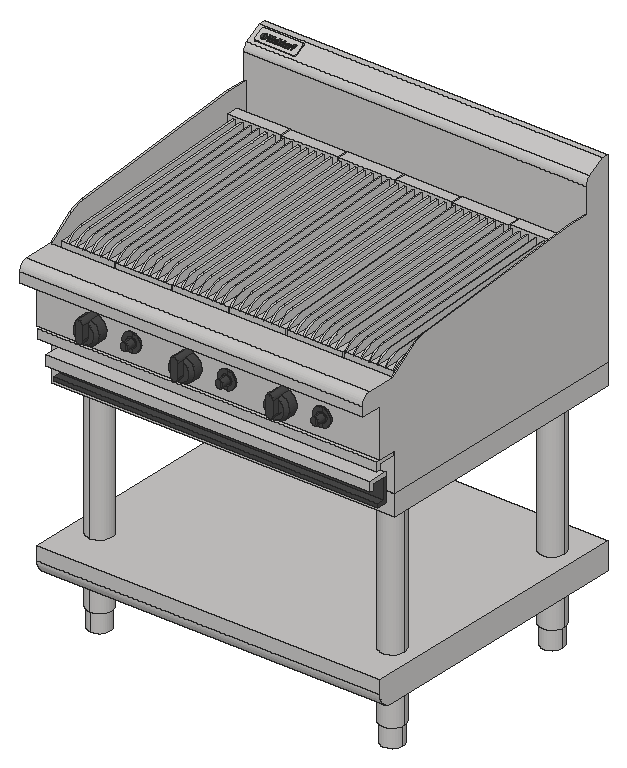
Revit family "QF_MOFFAT WALDORF_CH8900G-LS", category Specialty Equipment, Revit 2012
Parameters
  Weight in Pounds = 0
  URL Cutsheet = "www.moffat.com"
  URL = "www.moffat.com"
  Type Mark [instance] = ""
  Status [instance] = ""
  Specification by User [instance] = ""
  Specification by Manufacturer = ""
  Show Logo [instance] = yes
  Serial Number = ""
  Seismic Rating = ""
  SMACNA No = ""
  Revision Code [instance] = ""
  Omniclass Number and Title = ""
  NAFEM Spec ID Number = ""
  Model = "CH8900G-LS"
  Mechanical Remarks [instance] = ""
  Mechanical Connection Type [instance] = ""
  Masterspec = ""
  Manufacturer = "MOFFAT WALDORF"
  Item Number [instance] = ""
  Installed By [instance] = ""
  Identify Quantity as Lot [instance] = yes
  Gas Size = 3/4"
  Gas RI Height [instance] = 0 mm
  Gas KW [instance] = 27.7
  Gas Input [instance] = 94782.0 Btu/h
  Gas Connection Height = 0 mm
  Furnished By [instance] = ""
  Foodservice Equipment Identifier [instance] = yes
  Description = "CHARGRILL ON LEG STAND"
  CSI MasterFormat = ""
  CSI Master Format = ""
  Body Finish = QF_Finishes_Stainless Steel
Reference planes
  plane 1 "BACK": y = 0
  plane 2: z = 0
  plane 3 "LEFT": x = 0
  plane 4 "RIGHT": x = 900
  plane 5 "FRONT": y = -805
  plane 6 "TOP": z = 1130
  plane 7 "Center Y": x = 450
  plane 8 "Center X": y = -402.5
Forms (mm)
  Extrusion 1, solid, material "QF_Finishes_Stainless Steel" <- "Body Finish"
    sketch origin (0, 0, 0) x (0, 1, 0) y (0, 0, 1)
      loop
        line (-805, 891) -> (-805, 866) -> (-749, 866) -> (-749, 740) -> (-699, 740) -> (-699, 640) -> (0, 640) -> (0, 1130) -> (-16.5, 1130) -> (-58.709, 1105.631)
        arc (-58.709, 1105.631) -> (-66.975, 1097.365) -> (-70, 1086.074) r 22.582
        line (-70, 1086.074) -> (-70, 875) -> (-705, 875) -> (-705, 915) -> (-781, 915)
        arc (-781, 915) -> (-797.971, 907.971) -> (-805, 891) r 24
      loop
        line (0, 585) -> (0, 639.206) -> (-699, 639.206) -> (-699, 585) -> (0, 585)
      loop
        line (0, 222.5) -> (-749, 222.5) -> (-749, 188)
        arc (-749, 188) -> (-737.87, 161.13) -> (-711, 150) r 38
        line (-711, 150) -> (0, 150) -> (0, 222.5)
    from 0 to 900
  Revolve 2, solid, material "QF_Finishes_Stainless Steel" <- "Body Finish"
    sketch origin (424.5, -625, 0) x (1, 0, 0) y (0, 0, -1)
      loop
        line (378.25, -150) -> (410, -150) -> (410, 0) -> (382.5, 0) -> (382.5, -50) -> (378.25, -50) -> (378.25, -150)
      loop
        line (378.25, -222.5) -> (378.25, -585) -> (410, -585) -> (410, -222.5) -> (378.25, -222.5)
      axis (410, -585) -> (410, 0)
    angle from 0 to 360
  Revolve 3, solid, material "QF_Finishes_Stainless Steel" <- "Body Finish"
    sketch origin (424.5, -100, 0) x (1, 0, 0) y (0, 0, -1)
      loop
        line (378.25, -150) -> (410, -150) -> (410, 0) -> (382.5, 0) -> (382.5, -50) -> (378.25, -50) -> (378.25, -150)
      loop
        line (410, -222.5) -> (378.25, -222.5) -> (378.25, -585) -> (410, -585) -> (410, -222.5)
      axis (410, -585) -> (410, 0)
    angle from 0 to 360
  Revolve 4, solid, material "QF_Finishes_Stainless Steel" <- "Body Finish"
    sketch origin (65.5, -735, 0) x (0, 1, 0) y (0, 0, 1)
      loop
        line (78.25, 150) -> (78.25, 50) -> (82.5, 50) -> (82.5, 0) -> (110, 0) -> (110, 150) -> (78.25, 150)
      loop
        line (78.25, 222.5) -> (110, 222.5) -> (110, 585) -> (78.25, 585) -> (78.25, 222.5)
      axis (110, 585) -> (110, 0)
    angle from 0 to 360
  Revolve 5, solid, material "QF_Finishes_Stainless Steel" <- "Body Finish"
    sketch origin (65.5, -210, 0) x (0, 1, 0) y (0, 0, 1)
      loop
        line (78.25, 150) -> (78.25, 50) -> (82.5, 50) -> (82.5, 0) -> (110, 0) -> (110, 150) -> (78.25, 150)
      loop
        line (78.25, 222.5) -> (110, 222.5) -> (110, 585) -> (78.25, 585) -> (78.25, 222.5)
      axis (110, 585) -> (110, 0)
    angle from 0 to 360
  Extrusion 6, solid, material "QF_Finishes_Stainless Steel" <- "Body Finish"
    sketch origin (0, 0, 0) x (0, 1, 0) y (0, 0, 1)
      loop
        line (-121.455, 1019.2) -> (-600.057, 973.116)
        arc (-600.057, 973.116) -> (-620.977, 968.81) -> (-640.506, 960.159) r 100
        line (-640.506, 960.159) -> (-705, 915) -> (-705, 875) -> (-70, 875) -> (-70, 1019.2) -> (-121.455, 1019.2)
    from 0 to 4.5
  Extrusion 7, solid, material "QF_Finishes_Stainless Steel" <- "Body Finish"
    sketch origin (900, 0, 0) x (0, 1, 0) y (0, 0, -1)
      loop
        line (-121.455, -1019.2) -> (-70, -1019.2) -> (-70, -875) -> (-705, -875) -> (-705, -915) -> (-640.506, -960.159)
        arc (-640.506, -960.159) -> (-620.977, -968.81) -> (-600.057, -973.116) r 100
        line (-600.057, -973.116) -> (-121.455, -1019.2)
    from 0 to 3
  Revolve 8, solid, material "QF_Finishes_Black"
    sketch origin (158, 0, 500) x (0, 1, 0) y (0, 0, 1)
      loop
        line (-782, 329.5) -> (-793, 323.651) -> (-793, 297) -> (-749, 297) -> (-749, 302) -> (-759, 302) -> (-759, 329.5) -> (-782, 329.5)
      axis (-793, 297) -> (-749, 297)
    angle from 0 to 360
  Extrusion 9, solid, material "QF_Finishes_Black"
    sketch origin (19.888, 0, 500) x (1, 0, 0) y (0, 0, 1)
      loop
        line (148.3, 289) -> (148.3, 324)
        arc (148.3, 324) -> (138.3, 334) -> (128.3, 324) r 10
        line (128.3, 324) -> (128.3, 289)
        arc (128.3, 289) -> (138.3, 279) -> (148.3, 289) r 10
    from 759 to 808
  Revolve 10, solid, material "QF_Finishes_Black"
    sketch origin (408.244, 0, 0) x (0, 1, 0) y (0, 0, -1)
      loop
        line (-782, -829.5) -> (-759, -829.5) -> (-759, -802) -> (-749, -802) -> (-749, -797) -> (-793, -797) -> (-793, -823.651) -> (-782, -829.5)
      axis (-793, -797) -> (-749, -797)
    angle from 0 to 360
  Extrusion 11, solid, material "QF_Finishes_Black"
    sketch origin (396.356, 0, 0) x (-1, 0, 0) y (0, 0, -1)
      loop
        arc (-1.7, -789) -> (-11.7, -779) -> (-21.7, -789) r 10
        line (-21.7, -789) -> (-21.7, -824)
        arc (-21.7, -824) -> (-11.7, -834) -> (-1.7, -824) r 10
        line (-1.7, -824) -> (-1.7, -789)
    from 759 to 808
  Revolve 12, solid, material "QF_Finishes_Black"
    sketch origin (258.187, 0, 500) x (0, 1, 0) y (0, 0, 1)
      loop
        line (-759, 302) -> (-759, 321) -> (-761.705, 321) -> (-761.705, 309.85) -> (-762.85, 309.85) -> (-762.85, 306.825) -> (-784.88, 306.825) -> (-784.88, 297) -> (-749, 297) -> (-749, 302) -> (-759, 302)
      axis (-749, 297) -> (-784.88, 297)
    angle from 0 to 360
  Revolve 13, solid, material "QF_Finishes_Black"
    sketch origin (508, 0, 500) x (0, 1, 0) y (0, 0, 1)
      loop
        line (-759, 302) -> (-759, 321) -> (-761.705, 321) -> (-761.705, 309.85) -> (-762.85, 309.85) -> (-762.85, 306.825) -> (-784.88, 306.825) -> (-784.88, 297) -> (-749, 297) -> (-749, 302) -> (-759, 302)
      axis (-749, 297) -> (-784.88, 297)
    angle from 0 to 360
  Extrusion 14, solid, material "QF_Finishes_Stainless Steel"
    sketch origin (276, 0, 0) x (0, 1, 0) y (0, 0, 1)
      loop
        line (-132, 910.364) -> (-132, 962.849) -> (-630.852, 932.53)
        arc (-630.852, 932.53) -> (-656.098, 925.97) -> (-677, 910.364) r 67.81
        line (-677, 910.364) -> (-132, 910.364)
    from 0 to 4.5
  Extrusion 15, solid, material "QF_Finishes_Stainless Steel"
    sketch origin (255, 0, 0) x (0, 1, 0) y (0, 0, 1)
      loop
        line (-132, 910.364) -> (-132, 962.849) -> (-630.852, 932.53)
        arc (-630.852, 932.53) -> (-656.098, 925.97) -> (-677, 910.364) r 67.81
        line (-677, 910.364) -> (-132, 910.364)
    from 0 to 4.5
  Extrusion 16, solid, material "QF_Finishes_Stainless Steel"
    sketch origin (234, 0, 0) x (0, 1, 0) y (0, 0, 1)
      loop
        line (-132, 910.364) -> (-132, 962.849) -> (-630.852, 932.53)
        arc (-630.852, 932.53) -> (-656.098, 925.97) -> (-677, 910.364) r 67.81
        line (-677, 910.364) -> (-132, 910.364)
    from 0 to 4.5
  Extrusion 17, solid, material "QF_Finishes_Stainless Steel"
    sketch origin (213, 0, 0) x (0, 1, 0) y (0, 0, 1)
      loop
        line (-132, 910.364) -> (-132, 962.849) -> (-630.852, 932.53)
        arc (-630.852, 932.53) -> (-656.098, 925.97) -> (-677, 910.364) r 67.81
        line (-677, 910.364) -> (-132, 910.364)
    from 0 to 4.5
  Extrusion 18, solid, material "QF_Finishes_Stainless Steel"
    sketch origin (192, 0, 0) x (0, 1, 0) y (0, 0, 1)
      loop
        line (-132, 910.364) -> (-132, 962.849) -> (-630.852, 932.53)
        arc (-630.852, 932.53) -> (-656.098, 925.97) -> (-677, 910.364) r 67.81
        line (-677, 910.364) -> (-132, 910.364)
    from 0 to 4.5
  Extrusion 19, solid, material "QF_Finishes_Stainless Steel"
    sketch origin (171, 0, 0) x (0, 1, 0) y (0, 0, 1)
      loop
        line (-132, 910.364) -> (-132, 962.849) -> (-630.852, 932.53)
        arc (-630.852, 932.53) -> (-656.098, 925.97) -> (-677, 910.364) r 67.81
        line (-677, 910.364) -> (-132, 910.364)
    from 0 to 4.5
  Extrusion 20, solid, material "QF_Finishes_Stainless Steel"
    sketch origin (150, 0, 0) x (0, 1, 0) y (0, 0, 1)
      loop
        line (-132, 910.364) -> (-132, 962.849) -> (-630.852, 932.53)
        arc (-630.852, 932.53) -> (-656.098, 925.97) -> (-677, 910.364) r 67.81
        line (-677, 910.364) -> (-132, 910.364)
    from 0 to 4.5
  Extrusion 21, solid, material "QF_Finishes_Stainless Steel"
    sketch origin (126, 0, 0) x (0, 1, 0) y (0, 0, 1)
      loop
        line (-132, 910.364) -> (-132, 962.849) -> (-630.852, 932.53)
        arc (-630.852, 932.53) -> (-656.098, 925.97) -> (-677, 910.364) r 67.81
        line (-677, 910.364) -> (-132, 910.364)
    from 0 to 4.5
  Extrusion 22, solid, material "QF_Finishes_Stainless Steel"
    sketch origin (105, 0, 0) x (0, 1, 0) y (0, 0, 1)
      loop
        line (-132, 910.364) -> (-132, 962.849) -> (-630.852, 932.53)
        arc (-630.852, 932.53) -> (-656.098, 925.97) -> (-677, 910.364) r 67.81
        line (-677, 910.364) -> (-132, 910.364)
    from 0 to 4.5
  Extrusion 23, solid, material "QF_Finishes_Stainless Steel"
    sketch origin (84, 0, 0) x (0, 1, 0) y (0, 0, 1)
      loop
        line (-132, 910.364) -> (-132, 962.849) -> (-630.852, 932.53)
        arc (-630.852, 932.53) -> (-656.098, 925.97) -> (-677, 910.364) r 67.81
        line (-677, 910.364) -> (-132, 910.364)
    from 0 to 4.5
  Extrusion 24, solid, material "QF_Finishes_Stainless Steel"
    sketch origin (63, 0, 0) x (0, 1, 0) y (0, 0, 1)
      loop
        line (-132, 910.364) -> (-132, 962.849) -> (-630.852, 932.53)
        arc (-630.852, 932.53) -> (-656.098, 925.97) -> (-677, 910.364) r 67.81
        line (-677, 910.364) -> (-132, 910.364)
    from 0 to 4.5
  Extrusion 25, solid, material "QF_Finishes_Stainless Steel"
    sketch origin (42, 0, 0) x (0, 1, 0) y (0, 0, 1)
      loop
        line (-132, 910.364) -> (-132, 962.849) -> (-630.852, 932.53)
        arc (-630.852, 932.53) -> (-656.098, 925.97) -> (-677, 910.364) r 67.81
        line (-677, 910.364) -> (-132, 910.364)
    from 0 to 4.5
  Extrusion 26, solid, material "QF_Finishes_Stainless Steel"
    sketch origin (21, 0, 0) x (0, 1, 0) y (0, 0, 1)
      loop
        line (-132, 910.364) -> (-132, 962.849) -> (-630.852, 932.53)
        arc (-630.852, 932.53) -> (-656.098, 925.97) -> (-677, 910.364) r 67.81
        line (-677, 910.364) -> (-132, 910.364)
    from 0 to 4.5
  Extrusion 27, solid, material "QF_Finishes_Stainless Steel"
    sketch origin (426, 0, 0) x (0, 1, 0) y (0, 0, 1)
      loop
        line (-132, 910.364) -> (-132, 962.849) -> (-630.852, 932.53)
        arc (-630.852, 932.53) -> (-656.098, 925.97) -> (-677, 910.364) r 67.81
        line (-677, 910.364) -> (-132, 910.364)
    from 0 to 4.5
  Extrusion 28, solid, material "QF_Finishes_Stainless Steel"
    sketch origin (405, 0, 0) x (0, 1, 0) y (0, 0, 1)
      loop
        line (-132, 910.364) -> (-132, 962.849) -> (-630.852, 932.53)
        arc (-630.852, 932.53) -> (-656.098, 925.97) -> (-677, 910.364) r 67.81
        line (-677, 910.364) -> (-132, 910.364)
    from 0 to 4.5
  Extrusion 29, solid, material "QF_Finishes_Stainless Steel"
    sketch origin (384, 0, 0) x (0, 1, 0) y (0, 0, 1)
      loop
        line (-132, 910.364) -> (-132, 962.849) -> (-630.852, 932.53)
        arc (-630.852, 932.53) -> (-656.098, 925.97) -> (-677, 910.364) r 67.81
        line (-677, 910.364) -> (-132, 910.364)
    from 0 to 4.5
  Extrusion 30, solid, material "QF_Finishes_Stainless Steel"
    sketch origin (363, 0, 0) x (0, 1, 0) y (0, 0, 1)
      loop
        line (-132, 910.364) -> (-132, 962.849) -> (-630.852, 932.53)
        arc (-630.852, 932.53) -> (-656.098, 925.97) -> (-677, 910.364) r 67.81
        line (-677, 910.364) -> (-132, 910.364)
    from 0 to 4.5
  Extrusion 31, solid, material "QF_Finishes_Stainless Steel"
    sketch origin (342, 0, 0) x (0, 1, 0) y (0, 0, 1)
      loop
        line (-132, 910.364) -> (-132, 962.849) -> (-630.852, 932.53)
        arc (-630.852, 932.53) -> (-656.098, 925.97) -> (-677, 910.364) r 67.81
        line (-677, 910.364) -> (-132, 910.364)
    from 0 to 4.5
  Extrusion 32, solid, material "QF_Finishes_Stainless Steel"
    sketch origin (321, 0, 0) x (0, 1, 0) y (0, 0, 1)
      loop
        line (-132, 910.364) -> (-132, 962.849) -> (-630.852, 932.53)
        arc (-630.852, 932.53) -> (-656.098, 925.97) -> (-677, 910.364) r 67.81
        line (-677, 910.364) -> (-132, 910.364)
    from 0 to 4.5
  Extrusion 33, solid, material "QF_Finishes_Stainless Steel"
    sketch origin (300, 0, 0) x (0, 1, 0) y (0, 0, 1)
      loop
        line (-132, 910.364) -> (-132, 962.849) -> (-630.852, 932.53)
        arc (-630.852, 932.53) -> (-656.098, 925.97) -> (-677, 910.364) r 67.81
        line (-677, 910.364) -> (-132, 910.364)
    from 0 to 4.5
  Extrusion 34, solid, material "QF_Finishes_Stainless Steel"
    sketch origin (576, 0, 0) x (0, 1, 0) y (0, 0, 1)
      loop
        line (-132, 910.364) -> (-132, 962.849) -> (-630.852, 932.53)
        arc (-630.852, 932.53) -> (-656.098, 925.97) -> (-677, 910.364) r 67.81
        line (-677, 910.364) -> (-132, 910.364)
    from 0 to 4.5
  Extrusion 35, solid, material "QF_Finishes_Stainless Steel"
    sketch origin (555, 0, 0) x (0, 1, 0) y (0, 0, 1)
      loop
        line (-132, 910.364) -> (-132, 962.849) -> (-630.852, 932.53)
        arc (-630.852, 932.53) -> (-656.098, 925.97) -> (-677, 910.364) r 67.81
        line (-677, 910.364) -> (-132, 910.364)
    from 0 to 4.5
  Extrusion 36, solid, material "QF_Finishes_Stainless Steel"
    sketch origin (534, 0, 0) x (0, 1, 0) y (0, 0, 1)
      loop
        line (-132, 910.364) -> (-132, 962.849) -> (-630.852, 932.53)
        arc (-630.852, 932.53) -> (-656.098, 925.97) -> (-677, 910.364) r 67.81
        line (-677, 910.364) -> (-132, 910.364)
    from 0 to 4.5
  Extrusion 37, solid, material "QF_Finishes_Stainless Steel"
    sketch origin (513, 0, 0) x (0, 1, 0) y (0, 0, 1)
      loop
        line (-132, 910.364) -> (-132, 962.849) -> (-630.852, 932.53)
        arc (-630.852, 932.53) -> (-656.098, 925.97) -> (-677, 910.364) r 67.81
        line (-677, 910.364) -> (-132, 910.364)
    from 0 to 4.5
  Extrusion 38, solid, material "QF_Finishes_Stainless Steel"
    sketch origin (492, 0, 0) x (0, 1, 0) y (0, 0, 1)
      loop
        line (-132, 910.364) -> (-132, 962.849) -> (-630.852, 932.53)
        arc (-630.852, 932.53) -> (-656.098, 925.97) -> (-677, 910.364) r 67.81
        line (-677, 910.364) -> (-132, 910.364)
    from 0 to 4.5
  Extrusion 39, solid, material "QF_Finishes_Stainless Steel"
    sketch origin (471, 0, 0) x (0, 1, 0) y (0, 0, 1)
      loop
        line (-132, 910.364) -> (-132, 962.849) -> (-630.852, 932.53)
        arc (-630.852, 932.53) -> (-656.098, 925.97) -> (-677, 910.364) r 67.81
        line (-677, 910.364) -> (-132, 910.364)
    from 0 to 4.5
  Extrusion 40, solid, material "QF_Finishes_Stainless Steel"
    sketch origin (450, 0, 0) x (0, 1, 0) y (0, 0, 1)
      loop
        line (-132, 910.364) -> (-132, 962.849) -> (-630.852, 932.53)
        arc (-630.852, 932.53) -> (-656.098, 925.97) -> (-677, 910.364) r 67.81
        line (-677, 910.364) -> (-132, 910.364)
    from 0 to 4.5
  Extrusion 41, solid, material "QF_Finishes_Stainless Steel"
    sketch origin (1, 3, 0) x (1, 0, 0) y (0, 1, 0)
      loop
        circle (215, -35) r 13.5
    from 555 to 585
  Extrusion 42, solid, material "QF_Finishes_Black"
    sketch origin (1, 0, 500) x (0, 1, 0) y (0, 0, 1)
      loop
        line (-704, 171.797) -> (-704, 118.047) -> (-724, 118.047) -> (-724, 108.047) -> (-685.346, 108.047) -> (-685.346, 171.797) -> (-704, 171.797)
    from 24.12 to 874.007
  Extrusion 43, solid, material "QF_Finishes_Stainless Steel"
    sketch origin (0, 0, 500) x (0, 1, 0) y (0, 0, 1)
      loop
        line (-751.27, 211.219) -> (-741.27, 211.219) -> (-741.27, 226.219) -> (-699, 226.219) -> (-699, 236.219) -> (-751.27, 236.219) -> (-751.27, 211.219)
    from 5.013 to 895
  Extrusion 44, solid, material "QF_Finishes_Stainless Steel"
    sketch origin (0, 0, 445.578) x (0, 1, 0) y (0, 0, 1)
      loop
        line (-751.27, 211.219) -> (-741.27, 211.219) -> (-741.27, 226.219) -> (-685.346, 226.219) -> (-685.346, 236.219) -> (-751.27, 236.219) -> (-751.27, 211.219)
    from 25.12 to 875.007
  Extrusion 45, solid, material "QF_Finishes_Stainless Steel"
    sketch origin (0, 0, 0) x (0, 1, 0) y (0, 0, 1)
      loop
        line (-132, 910.364) -> (-677, 910.364) -> (-677, 875) -> (-102, 875) -> (-102, 970) -> (-132, 970) -> (-132, 910.364)
    from 4.5 to 147
  Extrusion 46, solid, material "QF_Finishes_Stainless Steel"
    sketch origin (145.5, 0, 0) x (0, 1, 0) y (0, 0, 1)
      loop
        line (-132, 910.364) -> (-677, 910.364) -> (-677, 875) -> (-102, 875) -> (-102, 970) -> (-132, 970) -> (-132, 910.364)
    from 4.5 to 151.5
  Extrusion 47, solid, material "QF_Finishes_Stainless Steel"
    sketch origin (295.5, 0, 0) x (0, 1, 0) y (0, 0, 1)
      loop
        line (-132, 910.364) -> (-677, 910.364) -> (-677, 875) -> (-102, 875) -> (-102, 970) -> (-132, 970) -> (-132, 910.364)
    from 4.5 to 151.5
  Extrusion 48, solid, material "QF_Finishes_Stainless Steel"
    sketch origin (445.5, 0, 0) x (0, 1, 0) y (0, 0, 1)
      loop
        line (-132, 910.364) -> (-677, 910.364) -> (-677, 875) -> (-102, 875) -> (-102, 970) -> (-132, 970) -> (-132, 910.364)
    from 4.5 to 151.5
  Extrusion 49, solid, material "QF_Finishes_Stainless Steel"
    sketch origin (726, 0, 0) x (0, 1, 0) y (0, 0, 1)
      loop
        line (-132, 910.364) -> (-132, 962.849) -> (-630.852, 932.53)
        arc (-630.852, 932.53) -> (-656.098, 925.97) -> (-677, 910.364) r 67.81
        line (-677, 910.364) -> (-132, 910.364)
    from 0 to 4.5
  Extrusion 50, solid, material "QF_Finishes_Stainless Steel"
    sketch origin (705, 0, 0) x (0, 1, 0) y (0, 0, 1)
      loop
        line (-132, 910.364) -> (-132, 962.849) -> (-630.852, 932.53)
        arc (-630.852, 932.53) -> (-656.098, 925.97) -> (-677, 910.364) r 67.81
        line (-677, 910.364) -> (-132, 910.364)
    from 0 to 4.5
  Extrusion 51, solid, material "QF_Finishes_Stainless Steel"
    sketch origin (684, 0, 0) x (0, 1, 0) y (0, 0, 1)
      loop
        line (-132, 910.364) -> (-132, 962.849) -> (-630.852, 932.53)
        arc (-630.852, 932.53) -> (-656.098, 925.97) -> (-677, 910.364) r 67.81
        line (-677, 910.364) -> (-132, 910.364)
    from 0 to 4.5
  Extrusion 52, solid, material "QF_Finishes_Stainless Steel"
    sketch origin (663, 0, 0) x (0, 1, 0) y (0, 0, 1)
      loop
        line (-132, 910.364) -> (-132, 962.849) -> (-630.852, 932.53)
        arc (-630.852, 932.53) -> (-656.098, 925.97) -> (-677, 910.364) r 67.81
        line (-677, 910.364) -> (-132, 910.364)
    from 0 to 4.5
  Extrusion 53, solid, material "QF_Finishes_Stainless Steel"
    sketch origin (642, 0, 0) x (0, 1, 0) y (0, 0, 1)
      loop
        line (-132, 910.364) -> (-132, 962.849) -> (-630.852, 932.53)
        arc (-630.852, 932.53) -> (-656.098, 925.97) -> (-677, 910.364) r 67.81
        line (-677, 910.364) -> (-132, 910.364)
    from 0 to 4.5
  Extrusion 54, solid, material "QF_Finishes_Stainless Steel"
    sketch origin (621, 0, 0) x (0, 1, 0) y (0, 0, 1)
      loop
        line (-132, 910.364) -> (-132, 962.849) -> (-630.852, 932.53)
        arc (-630.852, 932.53) -> (-656.098, 925.97) -> (-677, 910.364) r 67.81
        line (-677, 910.364) -> (-132, 910.364)
    from 0 to 4.5
  Extrusion 55, solid, material "QF_Finishes_Stainless Steel"
    sketch origin (600, 0, 0) x (0, 1, 0) y (0, 0, 1)
      loop
        line (-132, 910.364) -> (-132, 962.849) -> (-630.852, 932.53)
        arc (-630.852, 932.53) -> (-656.098, 925.97) -> (-677, 910.364) r 67.81
        line (-677, 910.364) -> (-132, 910.364)
    from 0 to 4.5
  Extrusion 56, solid, material "QF_Finishes_Stainless Steel"
    sketch origin (595.5, 0, 0) x (0, 1, 0) y (0, 0, 1)
      loop
        line (-132, 910.364) -> (-677, 910.364) -> (-677, 875) -> (-102, 875) -> (-102, 970) -> (-132, 970) -> (-132, 910.364)
    from 4.5 to 151.5
  Extrusion 57, solid, material "QF_Finishes_Stainless Steel"
    sketch origin (876, 0, 0) x (0, 1, 0) y (0, 0, 1)
      loop
        line (-132, 910.364) -> (-132, 962.849) -> (-630.852, 932.53)
        arc (-630.852, 932.53) -> (-656.098, 925.97) -> (-677, 910.364) r 67.81
        line (-677, 910.364) -> (-132, 910.364)
    from 0 to 4.5
  Extrusion 58, solid, material "QF_Finishes_Stainless Steel"
    sketch origin (855, 0, 0) x (0, 1, 0) y (0, 0, 1)
      loop
        line (-132, 910.364) -> (-132, 962.849) -> (-630.852, 932.53)
        arc (-630.852, 932.53) -> (-656.098, 925.97) -> (-677, 910.364) r 67.81
        line (-677, 910.364) -> (-132, 910.364)
    from 0 to 4.5
  Extrusion 59, solid, material "QF_Finishes_Stainless Steel"
    sketch origin (834, 0, 0) x (0, 1, 0) y (0, 0, 1)
      loop
        line (-132, 910.364) -> (-132, 962.849) -> (-630.852, 932.53)
        arc (-630.852, 932.53) -> (-656.098, 925.97) -> (-677, 910.364) r 67.81
        line (-677, 910.364) -> (-132, 910.364)
    from 0 to 4.5
  Extrusion 60, solid, material "QF_Finishes_Stainless Steel"
    sketch origin (813, 0, 0) x (0, 1, 0) y (0, 0, 1)
      loop
        line (-132, 910.364) -> (-132, 962.849) -> (-630.852, 932.53)
        arc (-630.852, 932.53) -> (-656.098, 925.97) -> (-677, 910.364) r 67.81
        line (-677, 910.364) -> (-132, 910.364)
    from 0 to 4.5
  Extrusion 61, solid, material "QF_Finishes_Stainless Steel"
    sketch origin (792, 0, 0) x (0, 1, 0) y (0, 0, 1)
      loop
        line (-132, 910.364) -> (-132, 962.849) -> (-630.852, 932.53)
        arc (-630.852, 932.53) -> (-656.098, 925.97) -> (-677, 910.364) r 67.81
        line (-677, 910.364) -> (-132, 910.364)
    from 0 to 4.5
  Extrusion 62, solid, material "QF_Finishes_Stainless Steel"
    sketch origin (771, 0, 0) x (0, 1, 0) y (0, 0, 1)
      loop
        line (-132, 910.364) -> (-132, 962.849) -> (-630.852, 932.53)
        arc (-630.852, 932.53) -> (-656.098, 925.97) -> (-677, 910.364) r 67.81
        line (-677, 910.364) -> (-132, 910.364)
    from 0 to 4.5
  Extrusion 63, solid, material "QF_Finishes_Stainless Steel"
    sketch origin (750, 0, 0) x (0, 1, 0) y (0, 0, 1)
      loop
        line (-132, 910.364) -> (-132, 962.849) -> (-630.852, 932.53)
        arc (-630.852, 932.53) -> (-656.098, 925.97) -> (-677, 910.364) r 67.81
        line (-677, 910.364) -> (-132, 910.364)
    from 0 to 4.5
  Extrusion 64, solid, material "QF_Finishes_Stainless Steel"
    sketch origin (745.5, 0, 0) x (0, 1, 0) y (0, 0, 1)
      loop
        line (-132, 910.364) -> (-677, 910.364) -> (-677, 875) -> (-102, 875) -> (-102, 970) -> (-132, 970) -> (-132, 910.364)
    from 4.5 to 151.5
  Revolve 65, solid, material "QF_Finishes_Black"
    sketch origin (658.244, 0, 0) x (0, 1, 0) y (0, 0, -1)
      loop
        line (-782, -829.5) -> (-759, -829.5) -> (-759, -802) -> (-749, -802) -> (-749, -797) -> (-793, -797) -> (-793, -823.651) -> (-782, -829.5)
      axis (-793, -797) -> (-749, -797)
    angle from 0 to 360
  Extrusion 66, solid, material "QF_Finishes_Black"
    sketch origin (646.356, 0, 0) x (-1, 0, 0) y (0, 0, -1)
      loop
        arc (-1.7, -789) -> (-11.7, -779) -> (-21.7, -789) r 10
        line (-21.7, -789) -> (-21.7, -824)
        arc (-21.7, -824) -> (-11.7, -834) -> (-1.7, -824) r 10
        line (-1.7, -824) -> (-1.7, -789)
    from 759 to 808
  Revolve 67, solid, material "QF_Finishes_Black"
    sketch origin (758, 0, 500) x (0, 1, 0) y (0, 0, 1)
      loop
        line (-759, 302) -> (-759, 321) -> (-761.705, 321) -> (-761.705, 309.85) -> (-762.85, 309.85) -> (-762.85, 306.825) -> (-784.88, 306.825) -> (-784.88, 297) -> (-749, 297) -> (-749, 302) -> (-759, 302)
      axis (-749, 297) -> (-784.88, 297)
    angle from 0 to 360
Cuts and joins
  joined: Revolve 8, Extrusion 9
  joined: Revolve 10, Extrusion 11
  joined: Extrusion 1, Extrusion 6, Extrusion 7
Lines and regions (mm)
  Split face 1
    outline origin (0, -16.5, 1130) x (0, -0.866025, -0.5) y (1, 0, 0)
      loop
        line (1.962, 129.583) -> (34.599, 129.583) -> (34.599, 149.583) -> (1.962, 149.583) -> (1.962, 129.583)
  Split face 2
    outline origin (0, -16.5, 1130) x (0, -0.866025, -0.5) y (1, 0, 0)
      loop
        line (34.599, 156.5) -> (34.599, 176.5) -> (1.962, 176.5) -> (1.962, 156.5) -> (34.599, 156.5)
  Split face 3
    outline origin (0, -16.5, 1130) x (0, -0.866025, -0.5) y (1, 0, 0)
      loop
        line (34.599, 203.5) -> (1.962, 203.5) -> (1.962, 183.5) -> (34.599, 183.5) -> (34.599, 203.5)
  Split face 4
    outline origin (0, -16.5, 1130) x (0, -0.866025, -0.5) y (1, 0, 0)
      loop
        line (34.599, 230.5) -> (1.962, 230.5) -> (1.962, 210.5) -> (34.599, 210.5) -> (34.599, 230.5)
  Split face 5
    outline origin (0, -16.5, 1130) x (0, -0.866025, -0.5) y (1, 0, 0)
      loop
        line (34.599, 257.5) -> (1.962, 257.5) -> (1.962, 237.5) -> (34.599, 237.5) -> (34.599, 257.5)
  Split face 6
    outline origin (0, -16.5, 1130) x (0, -0.866025, -0.5) y (1, 0, 0)
      loop
        line (34.599, 264.5) -> (34.599, 284.5) -> (1.962, 284.5) -> (1.962, 264.5) -> (34.599, 264.5)
  Split face 7
    outline origin (0, -16.5, 1130) x (0, -0.866025, -0.5) y (1, 0, 0)
      loop
        line (34.599, 311.5) -> (1.962, 311.5) -> (1.962, 291.5) -> (34.599, 291.5) -> (34.599, 311.5)
  Split face 8
    outline origin (0, -16.5, 1130) x (0, -0.866025, -0.5) y (1, 0, 0)
      loop
        line (1.962, 338.5) -> (1.962, 318.5) -> (34.599, 318.5) -> (34.599, 338.5) -> (1.962, 338.5)
  Split face 9
    outline origin (0, -16.5, 1130) x (0, -0.866025, -0.5) y (1, 0, 0)
      loop
        line (1.962, 345.5) -> (34.599, 345.5) -> (34.599, 365.5) -> (1.962, 365.5) -> (1.962, 345.5)
  Split face 10
    outline origin (0, -16.5, 1130) x (0, -0.866025, -0.5) y (1, 0, 0)
      loop
        line (34.599, 372.579) -> (34.599, 392.579) -> (1.962, 392.579) -> (1.962, 372.579) -> (34.599, 372.579)
  Split face 11
    outline origin (0, -16.5, 1130) x (0, -0.866025, -0.5) y (1, 0, 0)
      loop
        line (34.599, 399.534) -> (34.599, 419.534) -> (1.962, 419.534) -> (1.962, 399.534) -> (34.599, 399.534)
  Split face 12
    outline origin (900, -699, 740) x (-1, 0, 0) y (0, 0, -1)
      loop
        line (874.88, 98.75) -> (24.993, 98.75) -> (24.993, 1.25) -> (874.88, 1.25) -> (874.88, 98.75)
  Split face 13
    outline origin (27, -16.5, 1130) x (0, -0.866025, -0.5) y (1, 0, 0)
      loop
        line (34.599, 399.534) -> (34.599, 419.534) -> (1.962, 419.534) -> (1.962, 399.534) -> (34.599, 399.534)
  Split face 14
    outline origin (54, -16.5, 1130) x (0, -0.866025, -0.5) y (1, 0, 0)
      loop
        line (34.599, 399.534) -> (34.599, 419.534) -> (1.962, 419.534) -> (1.962, 399.534) -> (34.599, 399.534)
  Split face 15
    outline origin (81, -16.5, 1130) x (0, -0.866025, -0.5) y (1, 0, 0)
      loop
        line (34.599, 399.534) -> (34.599, 419.534) -> (1.962, 419.534) -> (1.962, 399.534) -> (34.599, 399.534)
  Split face 16
    outline origin (108, -16.5, 1130) x (0, -0.866025, -0.5) y (1, 0, 0)
      loop
        line (34.599, 399.534) -> (34.599, 419.534) -> (1.962, 419.534) -> (1.962, 399.534) -> (34.599, 399.534)
  Split face 17
    outline origin (135, -16.5, 1130) x (0, -0.866025, -0.5) y (1, 0, 0)
      loop
        line (34.599, 399.534) -> (34.599, 419.534) -> (1.962, 419.534) -> (1.962, 399.534) -> (34.599, 399.534)
  Split face 18
    outline origin (162, -16.5, 1130) x (0, -0.866025, -0.5) y (1, 0, 0)
      loop
        line (34.599, 399.534) -> (34.599, 419.534) -> (1.962, 419.534) -> (1.962, 399.534) -> (34.599, 399.534)
  Split face 19
    outline origin (189, -16.5, 1130) x (0, -0.866025, -0.5) y (1, 0, 0)
      loop
        line (34.599, 399.534) -> (34.599, 419.534) -> (1.962, 419.534) -> (1.962, 399.534) -> (34.599, 399.534)
  Split face 20
    outline origin (216, -16.5, 1130) x (0, -0.866025, -0.5) y (1, 0, 0)
      loop
        line (34.599, 399.534) -> (34.599, 419.534) -> (1.962, 419.534) -> (1.962, 399.534) -> (34.599, 399.534)
  Split face 21
    outline origin (243, -16.5, 1130) x (0, -0.866025, -0.5) y (1, 0, 0)
      loop
        line (34.599, 399.534) -> (34.599, 419.534) -> (1.962, 419.534) -> (1.962, 399.534) -> (34.599, 399.534)
  Split face 22
    outline origin (270, -16.5, 1130) x (0, -0.866025, -0.5) y (1, 0, 0)
      loop
        line (34.599, 399.534) -> (34.599, 419.534) -> (1.962, 419.534) -> (1.962, 399.534) -> (34.599, 399.534)
  Split face 23
    outline origin (297, -16.5, 1130) x (0, -0.866025, -0.5) y (1, 0, 0)
      loop
        line (34.599, 399.534) -> (34.599, 419.534) -> (1.962, 419.534) -> (1.962, 399.534) -> (34.599, 399.534)
  Split face 24
    outline origin (324, -16.5, 1130) x (0, -0.866025, -0.5) y (1, 0, 0)
      loop
        line (34.599, 399.534) -> (34.599, 419.534) -> (1.962, 419.534) -> (1.962, 399.534) -> (34.599, 399.534)
  Split face 25
    outline origin (351, -16.5, 1130) x (0, -0.866025, -0.5) y (1, 0, 0)
      loop
        line (34.599, 399.534) -> (34.599, 419.534) -> (1.962, 419.534) -> (1.962, 399.534) -> (34.599, 399.534)
  symbolic lines
    curve 1: line (0, 0, 0) -> (0, -805, 0)
    curve 2: line (900, 0, 0) -> (0, 0, 0)
    curve 3: line (900, -805, 0) -> (900, 0, 0)
    curve 4: line (0, -70, 0) -> (900, -70, 0)
    curve 5: line (0, -805, 0) -> (900, -805, 0)
    curve 6: line (12.5, -51.234, 0) -> (12.5, -20.958, 0)
    curve 7: line (12.5, -20.958, 0) -> (121.5, -20.958, 0)
    curve 8: line (12.5, -51.234, 0) -> (121.5, -51.234, 0)
    curve 9: line (121.5, -20.958, 0) -> (121.5, -51.234, 0)
    curve 10: line (129.583, -22.262, 0) -> (129.583, -50.526, 0)
    curve 11: line (129.583, -50.526, 0) -> (149.583, -50.526, 0)
    curve 12: line (149.583, -50.526, 0) -> (149.583, -22.262, 0)
    curve 13: line (149.583, -22.262, 0) -> (129.583, -22.262, 0)
    curve 14: line (156.5, -22.262, 0) -> (156.5, -50.526, 0)
    curve 15: line (156.5, -50.526, 0) -> (176.5, -50.526, 0)
    curve 16: line (176.5, -50.526, 0) -> (176.5, -22.262, 0)
    curve 17: line (176.5, -22.262, 0) -> (156.5, -22.262, 0)
    curve 18: line (183.5, -22.262, 0) -> (183.5, -50.526, 0)
    curve 19: line (183.5, -50.526, 0) -> (203.5, -50.526, 0)
    curve 20: line (203.5, -50.526, 0) -> (203.5, -22.262, 0)
    curve 21: line (203.5, -22.262, 0) -> (183.5, -22.262, 0)
    curve 22: line (210.5, -22.262, 0) -> (210.5, -50.526, 0)
    curve 23: line (210.5, -50.526, 0) -> (230.5, -50.526, 0)
    curve 24: line (230.5, -50.526, 0) -> (230.5, -22.262, 0)
    curve 25: line (230.5, -22.262, 0) -> (210.5, -22.262, 0)
    curve 26: line (237.5, -22.262, 0) -> (237.5, -50.526, 0)
    curve 27: line (237.5, -50.526, 0) -> (257.5, -50.526, 0)
    curve 28: line (257.5, -50.526, 0) -> (257.5, -22.262, 0)
    curve 29: line (257.5, -22.262, 0) -> (237.5, -22.262, 0)
    curve 30: line (264.5, -22.262, 0) -> (264.5, -50.526, 0)
    curve 31: line (264.5, -50.526, 0) -> (284.5, -50.526, 0)
    curve 32: line (284.5, -50.526, 0) -> (284.5, -22.262, 0)
    curve 33: line (284.5, -22.262, 0) -> (264.5, -22.262, 0)
    curve 34: line (291.5, -22.262, 0) -> (291.5, -50.526, 0)
    curve 35: line (291.5, -50.526, 0) -> (311.5, -50.526, 0)
    curve 36: line (311.5, -50.526, 0) -> (311.5, -22.262, 0)
    curve 37: line (311.5, -22.262, 0) -> (291.5, -22.262, 0)
    curve 38: line (318.5, -22.262, 0) -> (318.5, -50.526, 0)
    curve 39: line (318.5, -50.526, 0) -> (338.5, -50.526, 0)
    curve 40: line (338.5, -50.526, 0) -> (338.5, -22.262, 0)
    curve 41: line (338.5, -22.262, 0) -> (318.5, -22.262, 0)
    curve 42: line (345.5, -22.262, 0) -> (345.5, -50.526, 0)
    curve 43: line (345.5, -50.526, 0) -> (365.5, -50.526, 0)
    curve 44: line (365.5, -50.526, 0) -> (365.5, -22.262, 0)
    curve 45: line (365.5, -22.262, 0) -> (345.5, -22.262, 0)
    curve 46: line (372.5, -22.262, 0) -> (372.5, -50.526, 0)
    curve 47: line (372.5, -50.526, 0) -> (392.5, -50.526, 0)
    curve 48: line (392.5, -50.526, 0) -> (392.5, -22.262, 0)
    curve 49: line (392.5, -22.262, 0) -> (372.5, -22.262, 0)
    curve 50: line (399.5, -22.262, 0) -> (399.5, -50.526, 0)
    curve 51: line (399.5, -50.526, 0) -> (419.5, -50.526, 0)
    curve 52: line (419.5, -50.526, 0) -> (419.5, -22.262, 0)
    curve 53: line (419.5, -22.262, 0) -> (399.5, -22.262, 0)
    curve 54: line (426.5, -22.262, 0) -> (426.5, -50.526, 0)
    curve 55: line (426.5, -50.526, 0) -> (446.5, -50.526, 0)
    curve 56: line (446.5, -50.526, 0) -> (446.5, -22.262, 0)
    curve 57: line (446.5, -22.262, 0) -> (426.5, -22.262, 0)
    curve 58: line (453.5, -22.262, 0) -> (453.5, -50.526, 0)
    curve 59: line (453.5, -50.526, 0) -> (473.5, -50.526, 0)
    curve 60: line (473.5, -50.526, 0) -> (473.5, -22.262, 0)
    curve 61: line (473.5, -22.262, 0) -> (453.5, -22.262, 0)
    curve 62: line (900, -705, 0) -> (0, -705, 0)
    curve 63: line (4.5, -705, 0) -> (4.5, -70, 0)
    curve 64: line (897, -70, 0) -> (897, -705, 0)
    curve 65: line (480.5, -22.262, 0) -> (480.5, -50.526, 0)
    curve 66: line (480.5, -50.526, 0) -> (500.5, -50.526, 0)
    curve 67: line (500.5, -50.526, 0) -> (500.5, -22.262, 0)
    curve 68: line (500.5, -22.262, 0) -> (480.5, -22.262, 0)
    curve 69: line (507.5, -22.262, 0) -> (507.5, -50.526, 0)
    curve 70: line (507.5, -50.526, 0) -> (527.5, -50.526, 0)
    curve 71: line (527.5, -50.526, 0) -> (527.5, -22.262, 0)
    curve 72: line (527.5, -22.262, 0) -> (507.5, -22.262, 0)
    curve 73: line (534.5, -22.262, 0) -> (534.5, -50.526, 0)
    curve 74: line (534.5, -50.526, 0) -> (554.5, -50.526, 0)
    curve 75: line (554.5, -50.526, 0) -> (554.5, -22.262, 0)
    curve 76: line (554.5, -22.262, 0) -> (534.5, -22.262, 0)
    curve 77: line (561.5, -22.262, 0) -> (561.5, -50.526, 0)
    curve 78: line (561.5, -50.526, 0) -> (581.5, -50.526, 0)
    curve 79: line (581.5, -50.526, 0) -> (581.5, -22.262, 0)
    curve 80: line (581.5, -22.262, 0) -> (561.5, -22.262, 0)
    curve 81: line (588.5, -22.262, 0) -> (588.5, -50.526, 0)
    curve 82: line (588.5, -50.526, 0) -> (608.5, -50.526, 0)
    curve 83: line (608.5, -50.526, 0) -> (608.5, -22.262, 0)
    curve 84: line (608.5, -22.262, 0) -> (588.5, -22.262, 0)
    curve 85: line (615.5, -22.262, 0) -> (615.5, -50.526, 0)
    curve 86: line (615.5, -50.526, 0) -> (635.5, -50.526, 0)
    curve 87: line (635.5, -50.526, 0) -> (635.5, -22.262, 0)
    curve 88: line (635.5, -22.262, 0) -> (615.5, -22.262, 0)
    curve 89: line (642.5, -22.262, 0) -> (642.5, -50.526, 0)
    curve 90: line (642.5, -50.526, 0) -> (662.5, -50.526, 0)
    curve 91: line (662.5, -50.526, 0) -> (662.5, -22.262, 0)
    curve 92: line (662.5, -22.262, 0) -> (642.5, -22.262, 0)
    curve 93: line (669.5, -22.262, 0) -> (669.5, -50.526, 0)
    curve 94: line (669.5, -50.526, 0) -> (689.5, -50.526, 0)
    curve 95: line (689.5, -50.526, 0) -> (689.5, -22.262, 0)
    curve 96: line (689.5, -22.262, 0) -> (669.5, -22.262, 0)
    curve 97: line (696.5, -22.262, 0) -> (696.5, -50.526, 0)
    curve 98: line (696.5, -50.526, 0) -> (716.5, -50.526, 0)
    curve 99: line (716.5, -50.526, 0) -> (716.5, -22.262, 0)
    curve 100: line (716.5, -22.262, 0) -> (696.5, -22.262, 0)
    curve 101: line (723.5, -22.262, 0) -> (723.5, -50.526, 0)
    curve 102: line (723.5, -50.526, 0) -> (743.5, -50.526, 0)
    curve 103: line (743.5, -50.526, 0) -> (743.5, -22.262, 0)
    curve 104: line (743.5, -22.262, 0) -> (723.5, -22.262, 0)
    curve 105: line (750.5, -22.262, 0) -> (750.5, -50.526, 0)
    curve 106: line (750.5, -50.526, 0) -> (770.5, -50.526, 0)
    curve 107: line (770.5, -50.526, 0) -> (770.5, -22.262, 0)
    curve 108: line (770.5, -22.262, 0) -> (750.5, -22.262, 0)
Dimensions and locks
  equal spacing: plane 3 "LEFT", plane 7 "Center Y", plane 4 "RIGHT"
  plane 3 "LEFT" to plane 4 "RIGHT" = 900 mm
  equal spacing: plane 5 "FRONT", plane 8 "Center X", plane 1 "BACK"
  plane 5 "FRONT" to plane 1 "BACK" = 805 mm  (x2)
  equal spacing: plane 4 "RIGHT", plane 7 "Center Y", plane 3 "LEFT"
  plane 4 "RIGHT" to plane 3 "LEFT" = 900 mm
  plane 6 "TOP" to level = 1130 mm  (x2)
  cut or joined group of Extrusion 1, Extrusion 6, Extrusion 7 to level = 915 mm
  Extrusion 41 to level = 555 mm
  Extrusion 41 to plane 1 "BACK" = 32 mm
  cut or joined group of Extrusion 1, Extrusion 6, Extrusion 7 to plane 1 "BACK" = 70 mm
  level to cut or joined group of Extrusion 1, Extrusion 6, Extrusion 7 = 585 mm
  locked: plane 3 "LEFT" to Extrusion 41 sketch curve at 216
  Revolve 2 sketch curve to Revolve 2 sketch curve to Revolve 2 sketch curve = 27.5 mm locked, 4.25 mm locked
  locked: Revolve 2 sketch curve to plane 4 "RIGHT" at 65.5
  Revolve 3 sketch curve to Revolve 3 sketch curve to Revolve 3 sketch curve = 4.25 mm locked, 27.5 mm locked
  locked: Revolve 3 sketch curve to plane 4 "RIGHT" at 65.5
  aligned and locked: level to plane 2
  aligned and locked: curve 3 to plane 4 "RIGHT"
  aligned and locked: Extrusion 42 to Extrusion 44
  aligned and locked: cut or joined group of Extrusion 1, Extrusion 6, Extrusion 7 to plane 4 "RIGHT"
  aligned and locked: Revolve 2 sketch curve to Revolve 2 sketch curve
  aligned and locked: Revolve 3 sketch curve to Revolve 3 sketch curve
Automatic sketch dimensions
  plane 1 "BACK" to curve 1 = 0 mm
  curve 1 to plane 3 "LEFT" = 0 mm
  plane 5 "FRONT" to curve 1 = 0 mm
  plane 3 "LEFT" to curve 63 = 4.5 mm
  plane 3 "LEFT" to curve 8 = 12.5 mm
  plane 1 "BACK" to curve 7 = 20.958 mm
  curve 6 to curve 7 = 109 mm
  curve 8 to curve 11 = 8.083 mm
  curve 10 to curve 13 = 20 mm
  curve 11 to curve 15 = 6.917 mm
  curve 14 to curve 15 = 20 mm
  curve 15 to curve 19 = 7 mm
  curve 18 to curve 21 = 20 mm
  curve 19 to curve 23 = 7 mm
  curve 22 to curve 25 = 20 mm
  curve 23 to curve 27 = 7 mm
  curve 26 to curve 29 = 20 mm
  curve 28 to curve 33 = 7 mm
  curve 30 to curve 31 = 20 mm
  curve 31 to curve 35 = 7 mm
  curve 34 to curve 35 = 20 mm
  curve 35 to curve 38 = 7 mm
  curve 38 to curve 41 = 20 mm
  curve 40 to curve 45 = 7 mm
  curve 42 to curve 43 = 20 mm
  curve 43 to curve 47 = 7 mm
  curve 46 to curve 47 = 20 mm
  curve 47 to curve 51 = 7 mm
  curve 50 to curve 51 = 20 mm
  curve 51 to curve 55 = 7 mm
  curve 55 to plane 7 "Center Y" = 3.5 mm
  plane 7 "Center Y" to curve 58 = 3.5 mm
  curve 58 to curve 59 = 20 mm
  curve 59 to curve 65 = 7 mm
  curve 65 to curve 68 = 20 mm
  curve 66 to curve 69 = 7 mm
  curve 69 to curve 71 = 20 mm
  curve 70 to curve 74 = 7 mm
  curve 73 to curve 74 = 20 mm
  curve 74 to curve 78 = 7 mm
  curve 77 to curve 79 = 20 mm
  curve 78 to curve 81 = 7 mm
  curve 81 to curve 82 = 20 mm
  curve 83 to curve 88 = 7 mm
  curve 85 to curve 87 = 20 mm
  curve 87 to curve 89 = 7 mm
  curve 89 to curve 91 = 20 mm
  curve 90 to curve 93 = 7 mm
  curve 93 to curve 95 = 20 mm
  curve 94 to curve 98 = 7 mm
  curve 97 to curve 99 = 20 mm
  curve 98 to curve 101 = 7 mm
  curve 101 to curve 104 = 20 mm
  curve 102 to curve 105 = 7 mm
  curve 105 to curve 106 = 20 mm
  plane 4 "RIGHT" to curve 64 = 3 mm
  curve 62 to plane 5 "FRONT" = 100 mm
  plane 1 "BACK" to curve 4 = 70 mm
  curve 9 to curve 7 = 30.277 mm
  plane 1 "BACK" to curve 101 = 50.526 mm
  curve 102 to curve 105 = 0 mm
  curve 99 to curve 101 = 0 mm  (x2)
  curve 8 to curve 10 = 0.709 mm
  curve 95 to curve 97 = 0 mm  (x2)
  curve 11 to curve 14 = 0 mm
  curve 91 to curve 93 = 0 mm  (x2)
  curve 15 to curve 18 = 0 mm
  curve 87 to curve 89 = 0 mm  (x2)
  curve 19 to curve 22 = 0 mm
  curve 83 to curve 85 = 0 mm  (x2)
  curve 23 to curve 26 = 0 mm
  curve 79 to curve 81 = 0 mm  (x2)
  curve 27 to curve 30 = 0 mm
  curve 75 to curve 77 = 0 mm  (x2)
  curve 31 to curve 34 = 0 mm
  curve 71 to curve 73 = 0 mm  (x2)
  curve 35 to curve 38 = 0 mm
  curve 67 to curve 69 = 0 mm  (x2)
  curve 39 to curve 42 = 0 mm
  curve 43 to curve 46 = 0 mm
  curve 47 to curve 50 = 0 mm
  curve 51 to curve 55 = 0 mm
  curve 60 to curve 65 = 0 mm  (x2)
  plane 1 "BACK" to curve 57 = 22.262 mm
  curve 56 to curve 58 = 0 mm
  plane 1 "BACK" to curve 108 = 22.262 mm
  plane 1 "BACK" to curve 53 = 22.262 mm
  plane 1 "BACK" to curve 49 = 22.262 mm
  plane 1 "BACK" to curve 45 = 22.262 mm
  plane 1 "BACK" to curve 41 = 22.262 mm
  plane 1 "BACK" to curve 37 = 22.262 mm
  plane 1 "BACK" to curve 33 = 22.262 mm
  plane 1 "BACK" to curve 29 = 22.262 mm
  plane 1 "BACK" to curve 25 = 22.262 mm
  plane 1 "BACK" to curve 21 = 22.262 mm
  plane 1 "BACK" to curve 17 = 22.262 mm
  curve 13 to curve 7 = 1.304 mm
  Extrusion 1 sketch curve to plane 5 "FRONT" = 0 mm
  Extrusion 1 sketch curve to plane 6 "TOP" = 0 mm
  Extrusion 1 sketch curve to plane 1 "BACK" = 0 mm  (x3)
  Extrusion 1 sketch curve to plane 5 "FRONT" = 24 mm
  Extrusion 1 sketch curve to plane 5 "FRONT" = 56 mm  (x2)
  Extrusion 1 sketch curve to Extrusion 1 sketch curve = 44 mm
  Extrusion 1 sketch curve to plane 5 "FRONT" = 106 mm
  Extrusion 1 sketch curve to Extrusion 1 sketch curve = 0 mm
  plane 1 "BACK" to Extrusion 1 sketch curve = 70 mm
  Extrusion 1 sketch curve to plane 6 "TOP" = 24.369 mm
  Extrusion 1 sketch curve to Extrusion 1 sketch curve = 11.291 mm  (x2)
  Extrusion 1 sketch curve to Extrusion 1 sketch curve = 16.5 mm
  Extrusion 1 sketch curve to plane 6 "TOP" = 215 mm
  Extrusion 1 sketch curve to Extrusion 1 sketch curve = 211.074 mm
  Extrusion 1 sketch curve to Extrusion 1 sketch curve = 25 mm
  Extrusion 1 sketch curve to Extrusion 1 sketch curve = 135 mm
  level to Extrusion 1 sketch curve = 640 mm
  Extrusion 1 sketch curve to Extrusion 1 sketch curve = 0.794 mm
  Extrusion 1 sketch curve to Extrusion 1 sketch curve = 54.206 mm
  Extrusion 1 to Split face 1 sketch curve = 1.962 mm
  Split face 1 sketch curve to Extrusion 1 = 14.14 mm
  Split face 1 sketch curve to Extrusion 1 = 129.583 mm
  Split face 1 sketch curve to Split face 1 sketch curve = 20 mm
  Extrusion 1 to Split face 2 sketch curve = 1.962 mm
  Split face 2 sketch curve to Extrusion 1 = 14.14 mm
  Split face 2 sketch curve to Extrusion 1 = 156.5 mm
  Split face 2 sketch curve to Split face 2 sketch curve = 20 mm
  Extrusion 1 to Split face 3 sketch curve = 1.962 mm
  Split face 3 sketch curve to Extrusion 1 = 14.14 mm
  Split face 3 sketch curve to Extrusion 1 = 183.5 mm
  Split face 3 sketch curve to Split face 3 sketch curve = 20 mm
  Extrusion 1 to Split face 4 sketch curve = 1.962 mm
  Split face 4 sketch curve to Extrusion 1 = 14.14 mm
  Split face 4 sketch curve to Extrusion 1 = 210.5 mm
  Split face 4 sketch curve to Split face 4 sketch curve = 20 mm
  Extrusion 1 to Split face 5 sketch curve = 1.962 mm
  Split face 5 sketch curve to Extrusion 1 = 14.14 mm
  Split face 5 sketch curve to Extrusion 1 = 237.5 mm
  Split face 5 sketch curve to Split face 5 sketch curve = 20 mm
  Extrusion 1 to Split face 6 sketch curve = 1.962 mm
  Split face 6 sketch curve to Extrusion 1 = 14.14 mm
  Split face 6 sketch curve to Extrusion 1 = 264.5 mm
  Split face 6 sketch curve to Split face 6 sketch curve = 20 mm
  Extrusion 1 to Split face 7 sketch curve = 1.962 mm
  Split face 7 sketch curve to Extrusion 1 = 14.14 mm
  Split face 7 sketch curve to Extrusion 1 = 291.5 mm
  Split face 7 sketch curve to Split face 7 sketch curve = 20 mm
  Extrusion 1 to Split face 8 sketch curve = 1.962 mm
  Split face 8 sketch curve to Extrusion 1 = 14.14 mm
  Split face 8 sketch curve to Extrusion 1 = 318.5 mm
  Split face 8 sketch curve to Split face 8 sketch curve = 20 mm
  Extrusion 1 to Split face 9 sketch curve = 1.962 mm
  Split face 9 sketch curve to Extrusion 1 = 14.14 mm
  Split face 9 sketch curve to Extrusion 1 = 345.5 mm
  Split face 9 sketch curve to Split face 9 sketch curve = 20 mm
  Extrusion 1 to Split face 10 sketch curve = 1.962 mm
  Split face 10 sketch curve to Extrusion 1 = 14.14 mm
  Split face 10 sketch curve to Extrusion 1 = 372.579 mm
  Split face 10 sketch curve to Split face 10 sketch curve = 20 mm
  Extrusion 1 to Split face 11 sketch curve = 1.962 mm
  Split face 11 sketch curve to Extrusion 1 = 14.14 mm
  Split face 11 sketch curve to Extrusion 1 = 399.534 mm
  Split face 11 sketch curve to Split face 11 sketch curve = 20 mm
  Extrusion 6 sketch curve to plane 5 "FRONT" = 100 mm
  Extrusion 6 sketch curve to Extrusion 6 sketch curve = 64.494 mm
  Extrusion 6 sketch curve to Extrusion 6 sketch curve = 40.449 mm
  Extrusion 6 sketch curve to Extrusion 6 sketch curve = 9.585 mm
  plane 1 "BACK" to Extrusion 6 sketch curve = 121.455 mm
  Extrusion 6 sketch curve to Extrusion 6 sketch curve = 51.455 mm
  Extrusion 6 sketch curve to plane 6 "TOP" = 256.424 mm
  Extrusion 6 sketch curve to Extrusion 6 sketch curve = 1.424 mm
  Extrusion 6 sketch curve to Extrusion 6 sketch curve = 40 mm
  Extrusion 6 sketch curve to Extrusion 6 sketch curve = 45.159 mm
  Extrusion 6 sketch curve to plane 6 "TOP" = 110.8 mm
  Extrusion 7 sketch curve to plane 5 "FRONT" = 100 mm
  Extrusion 7 sketch curve to Extrusion 7 sketch curve = 64.494 mm
  Extrusion 7 sketch curve to Extrusion 7 sketch curve = 40.449 mm
  Extrusion 7 sketch curve to Extrusion 7 sketch curve = 50.034 mm
  plane 1 "BACK" to Extrusion 7 sketch curve = 121.455 mm
  Extrusion 7 sketch curve to Extrusion 7 sketch curve = 51.455 mm
  Extrusion 7 sketch curve to plane 6 "TOP" = 110.8 mm
  Extrusion 7 sketch curve to plane 6 "TOP" = 156.884 mm
  Extrusion 7 sketch curve to Extrusion 7 sketch curve = 12.957 mm
  Extrusion 7 sketch curve to Extrusion 7 sketch curve = 45.159 mm
  Extrusion 7 sketch curve to Extrusion 7 sketch curve = 40 mm
  Revolve 8 sketch curve to plane 5 "FRONT" = 12 mm
  Revolve 8 sketch curve to Revolve 8 sketch curve = 0 mm  (x2)
  Revolve 8 sketch curve to Revolve 8 sketch curve = 11 mm
  Revolve 8 sketch curve to Revolve 8 sketch curve = 12.7 mm
  Revolve 8 sketch curve to Revolve 8 sketch curve = 23 mm
  Revolve 8 sketch curve to Revolve 8 sketch curve = 10 mm
  level to Revolve 8 sketch curve = 797 mm
  Revolve 8 sketch curve to Revolve 8 sketch curve = 5 mm
  Revolve 8 sketch curve to Revolve 8 sketch curve = 26.651 mm
  Revolve 8 sketch curve to Revolve 8 sketch curve = 5.849 mm
  plane 3 "LEFT" to Extrusion 9 sketch curve = 148.187 mm
  Extrusion 9 sketch curve to Extrusion 9 sketch curve = 10 mm
  level to Extrusion 9 sketch curve = 789 mm
  Extrusion 9 sketch curve to Extrusion 9 sketch curve = 35 mm
  Revolve 10 sketch curve to plane 5 "FRONT" = 12 mm
  Revolve 10 sketch curve to Revolve 10 sketch curve = 0 mm  (x2)
  Revolve 10 sketch curve to Revolve 10 sketch curve = 11 mm
  Revolve 10 sketch curve to Revolve 10 sketch curve = 12.7 mm
  Revolve 10 sketch curve to Revolve 10 sketch curve = 23 mm
  Revolve 10 sketch curve to Revolve 10 sketch curve = 10 mm
  Revolve 10 sketch curve to plane 6 "TOP" = 300.5 mm
  Revolve 10 sketch curve to Revolve 10 sketch curve = 5.849 mm
  Revolve 10 sketch curve to Revolve 10 sketch curve = 27.5 mm
  Revolve 10 sketch curve to Revolve 10 sketch curve = 5 mm
  Extrusion 11 sketch curve to plane 7 "Center Y" = 31.944 mm
  Extrusion 11 sketch curve to Extrusion 11 sketch curve = 10 mm
  Extrusion 11 sketch curve to plane 6 "TOP" = 306 mm
  Extrusion 11 sketch curve to Extrusion 11 sketch curve = 35 mm
  Revolve 12 sketch curve to plane 5 "FRONT" = 20.12 mm
  Revolve 12 sketch curve to Revolve 12 sketch curve = 6.83 mm
  Revolve 12 sketch curve to Revolve 12 sketch curve = 15.2 mm
  Revolve 12 sketch curve to Revolve 12 sketch curve = 1.144 mm
  Revolve 12 sketch curve to Revolve 12 sketch curve = 3.85 mm
  Revolve 12 sketch curve to Revolve 12 sketch curve = 0 mm  (x2)
  Revolve 12 sketch curve to Revolve 12 sketch curve = 10 mm
  level to Revolve 12 sketch curve = 797 mm
  Revolve 12 sketch curve to Revolve 12 sketch curve = 5 mm
  Revolve 12 sketch curve to Revolve 12 sketch curve = 4.825 mm
  Revolve 12 sketch curve to Revolve 12 sketch curve = 3.025 mm
  Revolve 12 sketch curve to Revolve 12 sketch curve = 11.15 mm
  Revolve 13 sketch curve to plane 5 "FRONT" = 20.12 mm
  Revolve 13 sketch curve to Revolve 13 sketch curve = 6.83 mm
  Revolve 13 sketch curve to Revolve 13 sketch curve = 15.2 mm
  Revolve 13 sketch curve to Revolve 13 sketch curve = 1.144 mm
  Revolve 13 sketch curve to Revolve 13 sketch curve = 3.85 mm
  Revolve 13 sketch curve to Revolve 13 sketch curve = 0 mm  (x2)
  Revolve 13 sketch curve to Revolve 13 sketch curve = 10 mm
  level to Revolve 13 sketch curve = 797 mm
  Revolve 13 sketch curve to Revolve 13 sketch curve = 5 mm
  Revolve 13 sketch curve to Revolve 13 sketch curve = 4.825 mm
  Revolve 13 sketch curve to Revolve 13 sketch curve = 3.025 mm
  Revolve 13 sketch curve to Revolve 13 sketch curve = 11.15 mm
  Extrusion 14 sketch curve to plane 5 "FRONT" = 128 mm
  Extrusion 14 sketch curve to Extrusion 14 sketch curve = 46.148 mm
  Extrusion 14 sketch curve to Extrusion 14 sketch curve = 4.114 mm
  plane 1 "BACK" to Extrusion 14 sketch curve = 132 mm
  Extrusion 14 sketch curve to plane 6 "TOP" = 265.155 mm
  Extrusion 14 sketch curve to plane 6 "TOP" = 219.636 mm
  Extrusion 14 sketch curve to Extrusion 14 sketch curve = 52.486 mm
  Extrusion 15 sketch curve to plane 5 "FRONT" = 128 mm
  Extrusion 15 sketch curve to Extrusion 15 sketch curve = 46.148 mm
  Extrusion 15 sketch curve to Extrusion 15 sketch curve = 50.262 mm
  plane 1 "BACK" to Extrusion 15 sketch curve = 132 mm
  Extrusion 15 sketch curve to plane 6 "TOP" = 265.155 mm
  Extrusion 15 sketch curve to plane 6 "TOP" = 219.636 mm
  Extrusion 15 sketch curve to Extrusion 15 sketch curve = 52.486 mm
  Extrusion 16 sketch curve to plane 5 "FRONT" = 128 mm
  Extrusion 16 sketch curve to Extrusion 16 sketch curve = 46.148 mm
  Extrusion 16 sketch curve to Extrusion 16 sketch curve = 50.262 mm
  plane 1 "BACK" to Extrusion 16 sketch curve = 132 mm
  Extrusion 16 sketch curve to plane 6 "TOP" = 265.155 mm
  Extrusion 16 sketch curve to plane 6 "TOP" = 219.636 mm
  Extrusion 16 sketch curve to Extrusion 16 sketch curve = 52.486 mm
  Extrusion 17 sketch curve to plane 5 "FRONT" = 128 mm
  Extrusion 17 sketch curve to Extrusion 17 sketch curve = 46.148 mm
  Extrusion 17 sketch curve to Extrusion 17 sketch curve = 50.262 mm
  plane 1 "BACK" to Extrusion 17 sketch curve = 132 mm
  Extrusion 17 sketch curve to plane 6 "TOP" = 265.155 mm
  Extrusion 17 sketch curve to plane 6 "TOP" = 219.636 mm
  Extrusion 17 sketch curve to Extrusion 17 sketch curve = 52.486 mm
  Extrusion 18 sketch curve to plane 5 "FRONT" = 128 mm
  Extrusion 18 sketch curve to Extrusion 18 sketch curve = 46.148 mm
  Extrusion 18 sketch curve to Extrusion 18 sketch curve = 50.262 mm
  plane 1 "BACK" to Extrusion 18 sketch curve = 132 mm
  Extrusion 18 sketch curve to plane 6 "TOP" = 265.155 mm
  Extrusion 18 sketch curve to plane 6 "TOP" = 219.636 mm
  Extrusion 18 sketch curve to Extrusion 18 sketch curve = 52.486 mm
  Extrusion 19 sketch curve to plane 5 "FRONT" = 128 mm
  Extrusion 19 sketch curve to Extrusion 19 sketch curve = 46.148 mm
  Extrusion 19 sketch curve to Extrusion 19 sketch curve = 4.114 mm
  plane 1 "BACK" to Extrusion 19 sketch curve = 132 mm
  Extrusion 19 sketch curve to plane 6 "TOP" = 265.155 mm
  Extrusion 19 sketch curve to plane 6 "TOP" = 219.636 mm
  Extrusion 19 sketch curve to Extrusion 19 sketch curve = 52.486 mm
  Extrusion 20 sketch curve to plane 5 "FRONT" = 128 mm
  Extrusion 20 sketch curve to Extrusion 20 sketch curve = 46.148 mm
  Extrusion 20 sketch curve to Extrusion 20 sketch curve = 4.114 mm
  plane 1 "BACK" to Extrusion 20 sketch curve = 132 mm
  Extrusion 20 sketch curve to plane 6 "TOP" = 265.155 mm
  Extrusion 20 sketch curve to plane 6 "TOP" = 219.636 mm
  Extrusion 20 sketch curve to Extrusion 20 sketch curve = 52.486 mm
  Extrusion 21 sketch curve to plane 5 "FRONT" = 128 mm
  Extrusion 21 sketch curve to Extrusion 21 sketch curve = 46.148 mm
  Extrusion 21 sketch curve to Extrusion 21 sketch curve = 50.262 mm
  plane 1 "BACK" to Extrusion 21 sketch curve = 132 mm
  Extrusion 21 sketch curve to plane 6 "TOP" = 265.155 mm
  Extrusion 21 sketch curve to plane 6 "TOP" = 219.636 mm
  Extrusion 21 sketch curve to Extrusion 21 sketch curve = 52.486 mm
  Extrusion 22 sketch curve to plane 5 "FRONT" = 128 mm
  Extrusion 22 sketch curve to Extrusion 22 sketch curve = 46.148 mm
  Extrusion 22 sketch curve to Extrusion 22 sketch curve = 50.262 mm
  plane 1 "BACK" to Extrusion 22 sketch curve = 132 mm
  Extrusion 22 sketch curve to plane 6 "TOP" = 265.155 mm
  Extrusion 22 sketch curve to plane 6 "TOP" = 219.636 mm
  Extrusion 22 sketch curve to Extrusion 22 sketch curve = 52.486 mm
  Extrusion 23 sketch curve to plane 5 "FRONT" = 128 mm
  Extrusion 23 sketch curve to Extrusion 23 sketch curve = 46.148 mm
  Extrusion 23 sketch curve to Extrusion 23 sketch curve = 50.262 mm
  plane 1 "BACK" to Extrusion 23 sketch curve = 132 mm
  Extrusion 23 sketch curve to plane 6 "TOP" = 265.155 mm
  Extrusion 23 sketch curve to plane 6 "TOP" = 219.636 mm
  Extrusion 23 sketch curve to Extrusion 23 sketch curve = 52.486 mm
  Extrusion 24 sketch curve to plane 5 "FRONT" = 128 mm
  Extrusion 24 sketch curve to Extrusion 24 sketch curve = 46.148 mm
  Extrusion 24 sketch curve to Extrusion 24 sketch curve = 4.114 mm
  plane 1 "BACK" to Extrusion 24 sketch curve = 132 mm
